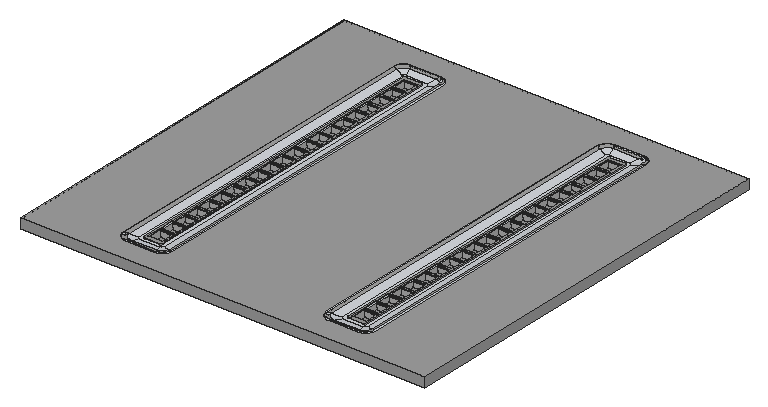
Revit family "0044018 Sylvania Lighting Fixture OptiClip 600 4000K C9 WH SSC WHITE", category Lighting Fixtures, host Face, Revit 2016
Family settings
  Host = Face
  Part Type = Normal
  Round Connector Dimension = Use Diameter
  OmniClass Number = 23.80.70.00
  OmniClass Title = Lighting
  Cut with Voids When Loaded = No
  Light Source = Yes
  Shared = No
  Room Calculation Point = No
Parameters (values of type "Type Name")
  spacer height = 5 mm
  spacer centres = 1000 mm
  height = 14.63 mm
  cut out width = 590 mm
  cut out length = 590 mm
  Width = 595 mm
  Weight = ""
  Wattage Comments = ""
  Wattage = 9.2903 W
  WarrantyStartDate [instance] = "n/a"
  WarrantyGuarantorParts = "n/a"
  WarrantyDurationUnit = "n/a"
  WarrantyDurationParts = "n/a"
  WarrantyDescription = "n/a"
  built-in parameter 1150110 = 1 (stored number, unit not read)
  Voltage = 0 V
  URL = "http://www.feilosylvania.com"
  TypeName = ""
  Type Image = <None>
  Type Comments = "n/a"
  built-in parameter 1114217 = 1 (stored number, unit not read)
  Tilt Angle = 90.00°
  built-in parameter 1150109 = 1 (stored number, unit not read)
  built-in parameter 1150134 = 3
  built-in parameter 1150113 = 1 (stored number, unit not read)
  SerialNumber [instance] = "n/a"
  Photometric Web File = "0044018.ies"
  Material_3_FEILO = none
  PowerFactor = 0
  PowerConsumption = ""
  NominalLength = 0 mm
  NominalHeight = 0 mm
  NominalDepth = 0 mm
  Name = ""
  ModelReference = Name  # ""
  ModelNumber = ""
  Model = Name  # ""
  Material = ""
  ManufacturerName = "Feilo Sylvania"
  Manufacturer = "Feilo Sylvania"
  LuminousEfficacy = ""
  built-in parameter 1150105 = 109.82 (stored number, unit not read)
  Lumens = 1380 lm
  LuminaireType = ""
  built-in parameter 1150115 = 1 (stored number, unit not read)
  LightOutputRatio = ""
  built-in parameter 1150137 = (empty or 0)
  built-in parameter 1150139 = (empty or 0)
  Length = 595 mm
  LampsType = Lamp  # ""
  LampNominalLuminous = ""
  LampMacAdamStep = ""
  LampColourTemperature = ""
  LampColourRenderingIndex = ""
  built-in parameter 1150112 = 1 (stored number, unit not read)
  built-in parameter 1150114 = 1 (stored number, unit not read)
  Lamp = ""
  Keynote = "16500"
  InstallationDate [instance] = "n/a"
  InputVoltage = ""
  InputNominalFrequency = ""
  built-in parameter 1150132 = (empty or 0)
  built-in parameter 1150102 = (empty or 0)
  built-in parameter 1150107 = 3200 (stored number, unit not read)
  built-in parameter 1150138 = (empty or 0)
  IngressProtection = ""
  ImpactProtectionIndex = ""
  built-in parameter 1150106 = 1.0982 (stored number, unit not read)
  IfcExportType = "IfcLightFixtureType"
  IfcExportAs = "IfcLightFixtureType"
  Height = 50 mm
  ExpectedLife = 50000
  Emit from Circle Diameter = 609.6 mm
  Emit Shape Visible in Rendering = no
  ElectricShockClassification = ""
  built-in parameter 1150104 = 13.8 (stored number, unit not read)
  DurationUnit = "hours"
  DocumentationLiterature = ""
  DimmingControlOptions = ""
  Material_2_FEILO = none
  Dimming Lamp Color Temperature Shift = <None>
  Description = ""
  Default Elevation = 1219.2 mm
  CreatedOn = ""
  CreatedBy = ""
  Cost = 0
  Color Filter = 16777215
  built-in parameter 1114216 [instance] = (empty or 0)
  ClassificationValue = "EF_70_80"
  ClassificationName = "Uniclass2015"
  Material_1_FEILO = none
  BarCode [instance] = "n/a"
  built-in parameter 1114218 = 1 (stored number, unit not read)
  built-in parameter 1150133 = 10 (stored number, unit not read)
  AssetType = ""
  AssetIdentifier [instance] = "n/a"
  Assembly Code = "D5020200"
  Apparent Load = 0 VA
  Material_4_FEILO = none
Reference planes
  plane 1 "Center (Front/Back)": y = 0
  plane 2: z = 0
  plane 3 "Center (Left/Right)": x = 0
  plane 4: z = 0
  plane 5: y = 297.5
  plane 6: y = -297.5
  plane 7: x = -297.5
  plane 8: x = 297.5
  plane 9: x = -295
  plane 10: x = 295
  plane 11: y = 295
  plane 12: y = -295
  plane 13: z = -14.63
  plane 14: y = 296.5
  plane 15: x = -296.5
  plane 16: x = 296.5
  plane 17: y = -296.5
  plane 18: x = -185
  plane 19: x = -113
  plane 20: y = -246.5
  plane 21: x = -184
  plane 22: y = 262
  plane 23: x = -114
  plane 24: y = -262
  plane 25: y = 245.5
  plane 26: y = -245.345
  plane 27: x = -160
  plane 28: x = -138
  plane 29: y = 236.5
  plane 30: y = -236.345
  plane 31: y = 213.35
  plane 32: y = 212.35
  plane 33: y = 190.95
  plane 34: y = 189.95
  plane 35: y = 168.595
  plane 36: y = 167.595
  plane 37: y = 146.15
  plane 38: y = 145.15
  plane 39: y = 123.75
  plane 40: y = 122.75
  plane 41: y = 101.35
  plane 42: y = 100.35
  plane 43: y = 78.95
  plane 44: y = 77.95
  plane 45: y = 56.576
  plane 46: y = 55.576
  plane 47: y = 34.15
  plane 48: y = 33.15
  plane 49: y = 11.75
  plane 50: y = 10.75
  plane 51: y = -10.65
  plane 52: y = -11.65
  plane 53: y = -33.05
  plane 54: y = -34.05
  plane 55: y = -55.45
  plane 56: y = -56.45
  plane 57: y = -77.805
  plane 58: y = -78.805
  plane 59: y = -100.25
  plane 60: y = -101.25
  plane 61: y = -122.65
  plane 62: y = -123.65
  plane 63: y = -145.05
  plane 64: y = -146.05
  plane 65: y = -167.45
  plane 66: y = -168.416
  plane 67: y = -189.816
  plane 68: y = -190.816
  plane 69: y = -212.216
  plane 70: y = -213.216
  plane 71: y = -234.616
  plane 72: x = -159.5
  plane 73: x = -138.539
  plane 74: y = 230.05
  plane 75: y = 218.05
  plane 76: x = -143.039
  plane 77: x = -155
  plane 78: x = -162.5
  plane 79: x = -135.5
  plane 80: y = 240.5
  plane 81: y = -240.345
  plane 82: y = 238
Forms (mm)
  Extrusion 1, void, detail levels medium+fine
    sketch origin (4.2, 0, 0) x (0, 1, 0) y (1, 0, 0)
      loop
        line (295, -299.2) -> (295, 290.8) -> (-295, 290.8) -> (-295, -299.2) -> (295, -299.2)
    from 0 to 10
  Extrusion 2, solid, material "Default", detail levels medium+fine
    sketch origin (4.2, 0, 0) x (1, 0, 0) y (0, 1, 0)
      loop
        line (-301.7, 297.5) -> (-301.7, -297.5) -> (293.3, -297.5) -> (293.3, 297.5) -> (-301.7, 297.5)
    from 0 to -14.63
  Extrusion 3, void, detail levels medium+fine
    sketch origin (4.2, 0, 0) x (0, 1, 0) y (1, 0, 0)
      loop
        line (296.5, -300.7) -> (296.5, 292.3) -> (-296.5, 292.3) -> (-296.5, -300.7) -> (296.5, -300.7)
    from 1.008 to 14.63
  Blend 4, solid, detail levels medium+fine
    base sketch origin (4.2, 0, 0) x (1, 0, 0) y (0, 1, 0)
      loop
        line (-189.2, 248) -> (-189.2, -248)
        arc (-189.2, -248) -> (-184.807, -258.607) -> (-174.2, -263) r 15
        line (-174.2, -263) -> (-132.2, -263)
        arc (-132.2, -263) -> (-121.593, -258.607) -> (-117.2, -248) r 15
        line (-117.2, -248) -> (-117.2, 248)
        arc (-117.2, 248) -> (-121.593, 258.607) -> (-132.2, 263) r 15
        line (-132.2, 263) -> (-174.2, 263)
        arc (-174.2, 263) -> (-184.807, 258.607) -> (-189.2, 248) r 15
    top sketch origin (4.2, 0, 0) x (1, 0, 0) y (0, 1, 0)
      loop
        line (-172.7, 242.5) -> (-172.7, -242.5)
        arc (-172.7, -242.5) -> (-171.517, -245.34) -> (-168.667, -246.5) r 4
        line (-168.667, -246.5) -> (-137.633, -246.5)
        arc (-137.633, -246.5) -> (-134.828, -245.324) -> (-133.7, -242.5) r 3.934
        line (-133.7, -242.5) -> (-133.7, 242.5)
        arc (-133.7, 242.5) -> (-134.982, 245.439) -> (-138.008, 246.5) r 4.011
        line (-138.008, 246.5) -> (-168.7, 246.5)
        arc (-168.7, 246.5) -> (-171.528, 245.328) -> (-172.7, 242.5) r 4
    from 0 to -4
  Blend 5, void
    base sketch origin (4.2, 0, 0) x (0, 1, 0) y (-1, 0, 0)
      loop
        line (248, 188.2) -> (-248, 188.2)
        arc (-248, 188.2) -> (-257.899, 184.099) -> (-262, 174.2) r 14
        line (-262, 174.2) -> (-262, 132.2)
        arc (-262, 132.2) -> (-257.899, 122.301) -> (-248, 118.2) r 14
        line (-248, 118.2) -> (248, 118.2)
        arc (248, 118.2) -> (257.899, 122.301) -> (262, 132.2) r 14
        line (262, 132.2) -> (262, 174.2)
        arc (262, 174.2) -> (257.899, 184.099) -> (248, 188.2) r 14
    top sketch origin (4.2, 0, 0) x (0, 1, 0) y (-1, 0, 0)
      loop
        line (242.5, 171.7) -> (-242.5, 171.7)
        arc (-242.5, 171.7) -> (-244.579, 170.8) -> (-245.345, 168.667) r 2.851
        line (-245.345, 168.667) -> (-245.345, 137.633)
        arc (-245.345, 137.633) -> (-244.517, 135.59) -> (-242.5, 134.7) r 2.934
        line (-242.5, 134.7) -> (242.5, 134.7)
        arc (242.5, 134.7) -> (244.733, 135.69) -> (245.5, 138.008) r 3.014
        line (245.5, 138.008) -> (245.5, 168.7)
        arc (245.5, 168.7) -> (244.621, 170.821) -> (242.5, 171.7) r 3
    from 0 to -3.5
  Extrusion 6, solid, material "Aluminum 1100-H18", detail levels medium+fine
    sketch origin (4.2, 0, 0) x (1, 0, 0) y (0, 1, 0)
      loop
        line (-164.2, 236.5) -> (-164.2, -236.345) -> (-142.2, -236.345) -> (-142.2, 236.5) -> (-164.2, 236.5)
    from -4 to -14.63
  Extrusion 7, solid, material "Aluminum 1100-H18", detail levels medium+fine
    sketch origin (4.2, 0, 0) x (1, 0, 0) y (0, 1, 0)
      loop
        line (-166.7, 238) -> (-166.7, -238.071)
        arc (-166.7, -238.071) -> (-165.953, -239.761) -> (-164.2, -240.345) r 2.284
        line (-164.2, -240.345) -> (-142.156, -240.345)
        arc (-142.156, -240.345) -> (-140.483, -239.689) -> (-139.7, -238.071) r 2.464
        line (-139.7, -238.071) -> (-139.7, 238)
        arc (-139.7, 238) -> (-140.432, 239.768) -> (-142.2, 240.5) r 2.5
        line (-142.2, 240.5) -> (-164.2, 240.5)
        arc (-164.2, 240.5) -> (-165.968, 239.768) -> (-166.7, 238) r 2.5
    from -3.5 to -2.5
  Blend 8, void
    base sketch origin (4.2, 0, 0) x (0, 1, 0) y (-1, 0, 0)
      loop
        line (234.75, 163.7) -> (213.35, 163.7) -> (213.35, 142.739) -> (234.75, 142.739) -> (234.75, 163.7)
    top sketch origin (4.2, 0, 0) x (0, 1, 0) y (-1, 0, 0)
      loop
        line (230.05, 159.2) -> (218.05, 159.2) -> (218.05, 147.239) -> (230.05, 147.239) -> (230.05, 159.2)
    from -2.5 to -11
  Blend 9, void
    base sketch origin (4.2, -22.4, 0) x (0, 1, 0) y (-1, 0, 0)
      loop
        line (234.75, 163.7) -> (213.35, 163.7) -> (213.35, 142.739) -> (234.75, 142.739) -> (234.75, 163.7)
    top sketch origin (4.2, -22.4, 0) x (0, 1, 0) y (-1, 0, 0)
      loop
        line (230.05, 159.2) -> (218.05, 159.2) -> (218.05, 147.239) -> (230.05, 147.239) -> (230.05, 159.2)
    from -2.5 to -11
  Blend 10, void
    base sketch origin (4.2, -44.8, 0) x (0, 1, 0) y (-1, 0, 0)
      loop
        line (234.75, 163.7) -> (213.35, 163.7) -> (213.35, 142.739) -> (234.75, 142.739) -> (234.75, 163.7)
    top sketch origin (4.2, -44.8, 0) x (0, 1, 0) y (-1, 0, 0)
      loop
        line (230.05, 159.2) -> (218.05, 159.2) -> (218.05, 147.239) -> (230.05, 147.239) -> (230.05, 159.2)
    from -2.5 to -11
  Blend 11, void
    base sketch origin (4.2, -67.155, 0) x (0, 1, 0) y (-1, 0, 0)
      loop
        line (234.75, 163.7) -> (213.35, 163.7) -> (213.35, 142.739) -> (234.75, 142.739) -> (234.75, 163.7)
    top sketch origin (4.2, -67.155, 0) x (0, 1, 0) y (-1, 0, 0)
      loop
        line (230.05, 159.2) -> (218.05, 159.2) -> (218.05, 147.239) -> (230.05, 147.239) -> (230.05, 159.2)
    from -2.5 to -11
  Blend 12, void
    base sketch origin (4.2, -89.6, 0) x (0, 1, 0) y (-1, 0, 0)
      loop
        line (234.75, 163.7) -> (213.35, 163.7) -> (213.35, 142.739) -> (234.75, 142.739) -> (234.75, 163.7)
    top sketch origin (4.2, -89.6, 0) x (0, 1, 0) y (-1, 0, 0)
      loop
        line (230.05, 159.2) -> (218.05, 159.2) -> (218.05, 147.239) -> (230.05, 147.239) -> (230.05, 159.2)
    from -2.5 to -11
  Blend 13, void
    base sketch origin (4.2, -112, 0) x (0, 1, 0) y (-1, 0, 0)
      loop
        line (234.75, 163.7) -> (213.35, 163.7) -> (213.35, 142.739) -> (234.75, 142.739) -> (234.75, 163.7)
    top sketch origin (4.2, -112, 0) x (0, 1, 0) y (-1, 0, 0)
      loop
        line (230.05, 159.2) -> (218.05, 159.2) -> (218.05, 147.239) -> (230.05, 147.239) -> (230.05, 159.2)
    from -2.5 to -11
  Blend 14, void
    base sketch origin (4.2, -134.4, 0) x (0, 1, 0) y (-1, 0, 0)
      loop
        line (234.75, 163.7) -> (213.35, 163.7) -> (213.35, 142.739) -> (234.75, 142.739) -> (234.75, 163.7)
    top sketch origin (4.2, -134.4, 0) x (0, 1, 0) y (-1, 0, 0)
      loop
        line (230.05, 159.2) -> (218.05, 159.2) -> (218.05, 147.239) -> (230.05, 147.239) -> (230.05, 159.2)
    from -2.5 to -11
  Blend 15, void
    base sketch origin (4.2, -156.8, 0) x (0, 1, 0) y (-1, 0, 0)
      loop
        line (234.75, 163.7) -> (213.35, 163.7) -> (213.35, 142.739) -> (234.75, 142.739) -> (234.75, 163.7)
    top sketch origin (4.2, -156.8, 0) x (0, 1, 0) y (-1, 0, 0)
      loop
        line (230.05, 159.2) -> (218.05, 159.2) -> (218.05, 147.239) -> (230.05, 147.239) -> (230.05, 159.2)
    from -2.5 to -11
  Blend 16, void
    base sketch origin (4.2, -179.174, 0) x (0, 1, 0) y (-1, 0, 0)
      loop
        line (234.75, 163.7) -> (213.35, 163.7) -> (213.35, 142.739) -> (234.75, 142.739) -> (234.75, 163.7)
    top sketch origin (4.2, -179.174, 0) x (0, 1, 0) y (-1, 0, 0)
      loop
        line (230.05, 159.2) -> (218.05, 159.2) -> (218.05, 147.239) -> (230.05, 147.239) -> (230.05, 159.2)
    from -2.5 to -11
  Blend 17, void
    base sketch origin (4.2, -201.6, 0) x (0, 1, 0) y (-1, 0, 0)
      loop
        line (234.75, 163.7) -> (213.35, 163.7) -> (213.35, 142.739) -> (234.75, 142.739) -> (234.75, 163.7)
    top sketch origin (4.2, -201.6, 0) x (0, 1, 0) y (-1, 0, 0)
      loop
        line (230.05, 159.2) -> (218.05, 159.2) -> (218.05, 147.239) -> (230.05, 147.239) -> (230.05, 159.2)
    from -2.5 to -11
  Blend 18, void
    base sketch origin (4.2, -224, 0) x (0, 1, 0) y (-1, 0, 0)
      loop
        line (234.75, 163.7) -> (213.35, 163.7) -> (213.35, 142.739) -> (234.75, 142.739) -> (234.75, 163.7)
    top sketch origin (4.2, -224, 0) x (0, 1, 0) y (-1, 0, 0)
      loop
        line (230.05, 159.2) -> (218.05, 159.2) -> (218.05, 147.239) -> (230.05, 147.239) -> (230.05, 159.2)
    from -2.5 to -11
  Blend 19, void
    base sketch origin (4.2, -246.4, 0) x (0, 1, 0) y (-1, 0, 0)
      loop
        line (234.75, 163.7) -> (213.35, 163.7) -> (213.35, 142.739) -> (234.75, 142.739) -> (234.75, 163.7)
    top sketch origin (4.2, -246.4, 0) x (0, 1, 0) y (-1, 0, 0)
      loop
        line (230.05, 159.2) -> (218.05, 159.2) -> (218.05, 147.239) -> (230.05, 147.239) -> (230.05, 159.2)
    from -2.5 to -11
  Blend 20, void
    base sketch origin (4.2, -268.8, 0) x (0, 1, 0) y (-1, 0, 0)
      loop
        line (234.75, 163.7) -> (213.35, 163.7) -> (213.35, 142.739) -> (234.75, 142.739) -> (234.75, 163.7)
    top sketch origin (4.2, -268.8, 0) x (0, 1, 0) y (-1, 0, 0)
      loop
        line (230.05, 159.2) -> (218.05, 159.2) -> (218.05, 147.239) -> (230.05, 147.239) -> (230.05, 159.2)
    from -2.5 to -11
  Blend 21, void
    base sketch origin (4.2, -291.2, 0) x (0, 1, 0) y (-1, 0, 0)
      loop
        line (234.75, 163.7) -> (213.35, 163.7) -> (213.35, 142.739) -> (234.75, 142.739) -> (234.75, 163.7)
    top sketch origin (4.2, -291.2, 0) x (0, 1, 0) y (-1, 0, 0)
      loop
        line (230.05, 159.2) -> (218.05, 159.2) -> (218.05, 147.239) -> (230.05, 147.239) -> (230.05, 159.2)
    from -2.5 to -11
  Blend 22, void
    base sketch origin (4.2, -313.555, 0) x (0, 1, 0) y (-1, 0, 0)
      loop
        line (234.75, 163.7) -> (213.35, 163.7) -> (213.35, 142.739) -> (234.75, 142.739) -> (234.75, 163.7)
    top sketch origin (4.2, -313.555, 0) x (0, 1, 0) y (-1, 0, 0)
      loop
        line (230.05, 159.2) -> (218.05, 159.2) -> (218.05, 147.239) -> (230.05, 147.239) -> (230.05, 159.2)
    from -2.5 to -11
  Blend 23, void
    base sketch origin (4.2, -336, 0) x (0, 1, 0) y (-1, 0, 0)
      loop
        line (234.75, 163.7) -> (213.35, 163.7) -> (213.35, 142.739) -> (234.75, 142.739) -> (234.75, 163.7)
    top sketch origin (4.2, -336, 0) x (0, 1, 0) y (-1, 0, 0)
      loop
        line (230.05, 159.2) -> (218.05, 159.2) -> (218.05, 147.239) -> (230.05, 147.239) -> (230.05, 159.2)
    from -2.5 to -11
  Blend 24, void
    base sketch origin (4.2, -358.4, 0) x (0, 1, 0) y (-1, 0, 0)
      loop
        line (234.75, 163.7) -> (213.35, 163.7) -> (213.35, 142.739) -> (234.75, 142.739) -> (234.75, 163.7)
    top sketch origin (4.2, -358.4, 0) x (0, 1, 0) y (-1, 0, 0)
      loop
        line (230.05, 159.2) -> (218.05, 159.2) -> (218.05, 147.239) -> (230.05, 147.239) -> (230.05, 159.2)
    from -2.5 to -11
  Blend 25, void
    base sketch origin (4.2, -380.8, 0) x (0, 1, 0) y (-1, 0, 0)
      loop
        line (234.75, 163.7) -> (213.35, 163.7) -> (213.35, 142.739) -> (234.75, 142.739) -> (234.75, 163.7)
    top sketch origin (4.2, -380.8, 0) x (0, 1, 0) y (-1, 0, 0)
      loop
        line (230.05, 159.2) -> (218.05, 159.2) -> (218.05, 147.239) -> (230.05, 147.239) -> (230.05, 159.2)
    from -2.5 to -11
  Extrusion 26, solid, material "Glass, White, High Luminance", detail levels fine
    sketch origin (4.2, 0, 0) x (1, 0, 0) y (0, 1, 0)
      loop
        line (-159.2, 230.05) -> (-159.2, 218.05) -> (-147.239, 218.05) -> (-147.239, 230.05) -> (-159.2, 230.05)
    from -11 to -10
  Extrusion 27, solid, material "Glass, White, High Luminance", detail levels fine
    sketch origin (4.2, -22.4, 0) x (1, 0, 0) y (0, 1, 0)
      loop
        line (-159.2, 230.05) -> (-159.2, 218.05) -> (-147.239, 218.05) -> (-147.239, 230.05) -> (-159.2, 230.05)
    from -11 to -10
  Extrusion 28, solid, material "Glass, White, High Luminance", detail levels fine
    sketch origin (4.2, -44.8, 0) x (1, 0, 0) y (0, 1, 0)
      loop
        line (-159.2, 230.05) -> (-159.2, 218.05) -> (-147.239, 218.05) -> (-147.239, 230.05) -> (-159.2, 230.05)
    from -11 to -10
  Extrusion 29, solid, material "Glass, White, High Luminance", detail levels fine
    sketch origin (4.2, -67.155, 0) x (1, 0, 0) y (0, 1, 0)
      loop
        line (-159.2, 230.05) -> (-159.2, 218.05) -> (-147.239, 218.05) -> (-147.239, 230.05) -> (-159.2, 230.05)
    from -11 to -10
  Extrusion 30, solid, material "Glass, White, High Luminance", detail levels fine
    sketch origin (4.2, -89.6, 0) x (1, 0, 0) y (0, 1, 0)
      loop
        line (-159.2, 230.05) -> (-159.2, 218.05) -> (-147.239, 218.05) -> (-147.239, 230.05) -> (-159.2, 230.05)
    from -11 to -10
  Extrusion 31, solid, material "Glass, White, High Luminance", detail levels fine
    sketch origin (4.2, -112, 0) x (1, 0, 0) y (0, 1, 0)
      loop
        line (-159.2, 230.05) -> (-159.2, 218.05) -> (-147.239, 218.05) -> (-147.239, 230.05) -> (-159.2, 230.05)
    from -11 to -10
  Extrusion 32, solid, material "Glass, White, High Luminance", detail levels fine
    sketch origin (4.2, -134.4, 0) x (1, 0, 0) y (0, 1, 0)
      loop
        line (-159.2, 230.05) -> (-159.2, 218.05) -> (-147.239, 218.05) -> (-147.239, 230.05) -> (-159.2, 230.05)
    from -11 to -10
  Extrusion 33, solid, material "Glass, White, High Luminance", detail levels fine
    sketch origin (4.2, -156.8, 0) x (1, 0, 0) y (0, 1, 0)
      loop
        line (-159.2, 230.05) -> (-159.2, 218.05) -> (-147.239, 218.05) -> (-147.239, 230.05) -> (-159.2, 230.05)
    from -11 to -10
  Extrusion 34, solid, material "Glass, White, High Luminance", detail levels fine
    sketch origin (4.2, -179.174, 0) x (1, 0, 0) y (0, 1, 0)
      loop
        line (-159.2, 230.05) -> (-159.2, 218.05) -> (-147.239, 218.05) -> (-147.239, 230.05) -> (-159.2, 230.05)
    from -11 to -10
  Extrusion 35, solid, material "Glass, White, High Luminance", detail levels fine
    sketch origin (4.2, -201.6, 0) x (1, 0, 0) y (0, 1, 0)
      loop
        line (-159.2, 230.05) -> (-159.2, 218.05) -> (-147.239, 218.05) -> (-147.239, 230.05) -> (-159.2, 230.05)
    from -11 to -10
  Extrusion 36, solid, material "Glass, White, High Luminance", detail levels fine
    sketch origin (4.2, -224, 0) x (1, 0, 0) y (0, 1, 0)
      loop
        line (-159.2, 230.05) -> (-159.2, 218.05) -> (-147.239, 218.05) -> (-147.239, 230.05) -> (-159.2, 230.05)
    from -11 to -10
  Extrusion 37, solid, material "Glass, White, High Luminance", detail levels fine
    sketch origin (4.2, -246.4, 0) x (1, 0, 0) y (0, 1, 0)
      loop
        line (-159.2, 230.05) -> (-159.2, 218.05) -> (-147.239, 218.05) -> (-147.239, 230.05) -> (-159.2, 230.05)
    from -11 to -10
  Extrusion 38, solid, material "Glass, White, High Luminance", detail levels fine
    sketch origin (4.2, -268.8, 0) x (1, 0, 0) y (0, 1, 0)
      loop
        line (-159.2, 230.05) -> (-159.2, 218.05) -> (-147.239, 218.05) -> (-147.239, 230.05) -> (-159.2, 230.05)
    from -11 to -10
  Extrusion 39, solid, material "Glass, White, High Luminance", detail levels fine
    sketch origin (4.2, -291.2, 0) x (1, 0, 0) y (0, 1, 0)
      loop
        line (-159.2, 230.05) -> (-159.2, 218.05) -> (-147.239, 218.05) -> (-147.239, 230.05) -> (-159.2, 230.05)
    from -11 to -10
  Extrusion 40, solid, material "Glass, White, High Luminance", detail levels fine
    sketch origin (4.2, -313.555, 0) x (1, 0, 0) y (0, 1, 0)
      loop
        line (-159.2, 230.05) -> (-159.2, 218.05) -> (-147.239, 218.05) -> (-147.239, 230.05) -> (-159.2, 230.05)
    from -11 to -10
  Extrusion 41, solid, material "Glass, White, High Luminance", detail levels fine
    sketch origin (4.2, -336, 0) x (1, 0, 0) y (0, 1, 0)
      loop
        line (-159.2, 230.05) -> (-159.2, 218.05) -> (-147.239, 218.05) -> (-147.239, 230.05) -> (-159.2, 230.05)
    from -11 to -10
  Extrusion 42, solid, material "Glass, White, High Luminance", detail levels fine
    sketch origin (4.2, -358.4, 0) x (1, 0, 0) y (0, 1, 0)
      loop
        line (-159.2, 230.05) -> (-159.2, 218.05) -> (-147.239, 218.05) -> (-147.239, 230.05) -> (-159.2, 230.05)
    from -11 to -10
  Extrusion 43, solid, material "Glass, White, High Luminance", detail levels fine
    sketch origin (4.2, -380.8, 0) x (1, 0, 0) y (0, 1, 0)
      loop
        line (-159.2, 230.05) -> (-159.2, 218.05) -> (-147.239, 218.05) -> (-147.239, 230.05) -> (-159.2, 230.05)
    from -11 to -10
  Extrusion 44, solid, material "Glass, White, High Luminance", detail levels fine
    sketch origin (3.419, -403.166, 0) x (1, 0, 0) y (0, 1, 0)
      loop
        line (-158.419, 230.05) -> (-158.419, 218.05) -> (-146.458, 218.05) -> (-146.458, 230.05) -> (-158.419, 230.05)
    from -11 to -10
  Extrusion 45, solid, material "Glass, White, High Luminance", detail levels fine
    sketch origin (3.419, -425.566, 0) x (1, 0, 0) y (0, 1, 0)
      loop
        line (-158.419, 230.05) -> (-158.419, 218.05) -> (-146.458, 218.05) -> (-146.458, 230.05) -> (-158.419, 230.05)
    from -11 to -10
  Extrusion 46, solid, material "Glass, White, High Luminance", detail levels fine
    sketch origin (3.419, -447.966, 0) x (1, 0, 0) y (0, 1, 0)
      loop
        line (-158.419, 230.05) -> (-158.419, 218.05) -> (-146.458, 218.05) -> (-146.458, 230.05) -> (-158.419, 230.05)
    from -11 to -10
  Blend 47, solid, detail levels medium+fine
    base sketch origin (303.2, 0, 0) x (1, 0, 0) y (0, 1, 0)
      loop
        line (-189.2, 248) -> (-189.2, -248)
        arc (-189.2, -248) -> (-184.807, -258.607) -> (-174.2, -263) r 15
        line (-174.2, -263) -> (-132.2, -263)
        arc (-132.2, -263) -> (-121.593, -258.607) -> (-117.2, -248) r 15
        line (-117.2, -248) -> (-117.2, 248)
        arc (-117.2, 248) -> (-121.593, 258.607) -> (-132.2, 263) r 15
        line (-132.2, 263) -> (-174.2, 263)
        arc (-174.2, 263) -> (-184.807, 258.607) -> (-189.2, 248) r 15
    top sketch origin (303.2, 0, 0) x (1, 0, 0) y (0, 1, 0)
      loop
        line (-172.7, 242.5) -> (-172.7, -242.5)
        arc (-172.7, -242.5) -> (-171.517, -245.34) -> (-168.667, -246.5) r 4
        line (-168.667, -246.5) -> (-137.633, -246.5)
        arc (-137.633, -246.5) -> (-134.828, -245.324) -> (-133.7, -242.5) r 3.934
        line (-133.7, -242.5) -> (-133.7, 242.5)
        arc (-133.7, 242.5) -> (-134.982, 245.439) -> (-138.008, 246.5) r 4.011
        line (-138.008, 246.5) -> (-168.7, 246.5)
        arc (-168.7, 246.5) -> (-171.528, 245.328) -> (-172.7, 242.5) r 4
    from 0 to -4
  Blend 48, void
    base sketch origin (303.2, 0, 0) x (0, 1, 0) y (-1, 0, 0)
      loop
        line (248, 188.2) -> (-248, 188.2)
        arc (-248, 188.2) -> (-257.899, 184.099) -> (-262, 174.2) r 14
        line (-262, 174.2) -> (-262, 132.2)
        arc (-262, 132.2) -> (-257.899, 122.301) -> (-248, 118.2) r 14
        line (-248, 118.2) -> (248, 118.2)
        arc (248, 118.2) -> (257.899, 122.301) -> (262, 132.2) r 14
        line (262, 132.2) -> (262, 174.2)
        arc (262, 174.2) -> (257.899, 184.099) -> (248, 188.2) r 14
    top sketch origin (303.2, 0, 0) x (0, 1, 0) y (-1, 0, 0)
      loop
        line (242.5, 171.7) -> (-242.5, 171.7)
        arc (-242.5, 171.7) -> (-244.579, 170.8) -> (-245.345, 168.667) r 2.851
        line (-245.345, 168.667) -> (-245.345, 137.633)
        arc (-245.345, 137.633) -> (-244.517, 135.59) -> (-242.5, 134.7) r 2.934
        line (-242.5, 134.7) -> (242.5, 134.7)
        arc (242.5, 134.7) -> (244.733, 135.69) -> (245.5, 138.008) r 3.014
        line (245.5, 138.008) -> (245.5, 168.7)
        arc (245.5, 168.7) -> (244.621, 170.821) -> (242.5, 171.7) r 3
    from 0 to -3.5
  Extrusion 49, solid, material "Aluminum 1100-H18", detail levels medium+fine
    sketch origin (304.2, 0, 0) x (1, 0, 0) y (0, 1, 0)
      loop
        line (-164.2, 236.5) -> (-164.2, -236.345) -> (-142.2, -236.345) -> (-142.2, 236.5) -> (-164.2, 236.5)
    from -4 to -14.63
  Blend 50, void
    base sketch origin (4.2, -403.166, 0) x (0, 1, 0) y (-1, 0, 0)
      loop
        line (234.75, 163.7) -> (213.35, 163.7) -> (213.35, 142.739) -> (234.75, 142.739) -> (234.75, 163.7)
    top sketch origin (4.2, -403.166, 0) x (0, 1, 0) y (-1, 0, 0)
      loop
        line (230.05, 159.2) -> (218.05, 159.2) -> (218.05, 147.239) -> (230.05, 147.239) -> (230.05, 159.2)
    from -2.5 to -11
  Blend 51, void
    base sketch origin (4.2, -425.566, 0) x (0, 1, 0) y (-1, 0, 0)
      loop
        line (234.75, 163.7) -> (213.35, 163.7) -> (213.35, 142.739) -> (234.75, 142.739) -> (234.75, 163.7)
    top sketch origin (4.2, -425.566, 0) x (0, 1, 0) y (-1, 0, 0)
      loop
        line (230.05, 159.2) -> (218.05, 159.2) -> (218.05, 147.239) -> (230.05, 147.239) -> (230.05, 159.2)
    from -2.5 to -11
  Blend 52, void
    base sketch origin (4.2, -447.966, 0) x (0, 1, 0) y (-1, 0, 0)
      loop
        line (234.75, 163.7) -> (213.35, 163.7) -> (213.35, 142.739) -> (234.75, 142.739) -> (234.75, 163.7)
    top sketch origin (4.2, -447.966, 0) x (0, 1, 0) y (-1, 0, 0)
      loop
        line (230.05, 159.2) -> (218.05, 159.2) -> (218.05, 147.239) -> (230.05, 147.239) -> (230.05, 159.2)
    from -2.5 to -11
  Extrusion 53, solid, material "Aluminum 1100-H18", detail levels medium+fine
    sketch origin (304.2, 0, 0) x (1, 0, 0) y (0, 1, 0)
      loop
        line (-166.7, 238) -> (-166.7, -238.071)
        arc (-166.7, -238.071) -> (-165.953, -239.761) -> (-164.2, -240.345) r 2.284
        line (-164.2, -240.345) -> (-142.156, -240.345)
        arc (-142.156, -240.345) -> (-140.483, -239.689) -> (-139.7, -238.071) r 2.464
        line (-139.7, -238.071) -> (-139.7, 238)
        arc (-139.7, 238) -> (-140.432, 239.768) -> (-142.2, 240.5) r 2.5
        line (-142.2, 240.5) -> (-164.2, 240.5)
        arc (-164.2, 240.5) -> (-165.968, 239.768) -> (-166.7, 238) r 2.5
    from -3.5 to -2.5
  Blend 54, void
    base sketch origin (304.2, 0, 0) x (0, 1, 0) y (-1, 0, 0)
      loop
        line (234.75, 163.7) -> (213.35, 163.7) -> (213.35, 142.739) -> (234.75, 142.739) -> (234.75, 163.7)
    top sketch origin (304.2, 0, 0) x (0, 1, 0) y (-1, 0, 0)
      loop
        line (230.05, 159.2) -> (218.05, 159.2) -> (218.05, 147.239) -> (230.05, 147.239) -> (230.05, 159.2)
    from -2.5 to -11
  Blend 55, void
    base sketch origin (304.2, -22.4, 0) x (0, 1, 0) y (-1, 0, 0)
      loop
        line (234.75, 163.7) -> (213.35, 163.7) -> (213.35, 142.739) -> (234.75, 142.739) -> (234.75, 163.7)
    top sketch origin (304.2, -22.4, 0) x (0, 1, 0) y (-1, 0, 0)
      loop
        line (230.05, 159.2) -> (218.05, 159.2) -> (218.05, 147.239) -> (230.05, 147.239) -> (230.05, 159.2)
    from -2.5 to -11
  Blend 56, void
    base sketch origin (304.2, -44.8, 0) x (0, 1, 0) y (-1, 0, 0)
      loop
        line (234.75, 163.7) -> (213.35, 163.7) -> (213.35, 142.739) -> (234.75, 142.739) -> (234.75, 163.7)
    top sketch origin (304.2, -44.8, 0) x (0, 1, 0) y (-1, 0, 0)
      loop
        line (230.05, 159.2) -> (218.05, 159.2) -> (218.05, 147.239) -> (230.05, 147.239) -> (230.05, 159.2)
    from -2.5 to -11
  Blend 57, void
    base sketch origin (304.2, -67.155, 0) x (0, 1, 0) y (-1, 0, 0)
      loop
        line (234.75, 163.7) -> (213.35, 163.7) -> (213.35, 142.739) -> (234.75, 142.739) -> (234.75, 163.7)
    top sketch origin (304.2, -67.155, 0) x (0, 1, 0) y (-1, 0, 0)
      loop
        line (230.05, 159.2) -> (218.05, 159.2) -> (218.05, 147.239) -> (230.05, 147.239) -> (230.05, 159.2)
    from -2.5 to -11
  Blend 58, void
    base sketch origin (304.2, -89.6, 0) x (0, 1, 0) y (-1, 0, 0)
      loop
        line (234.75, 163.7) -> (213.35, 163.7) -> (213.35, 142.739) -> (234.75, 142.739) -> (234.75, 163.7)
    top sketch origin (304.2, -89.6, 0) x (0, 1, 0) y (-1, 0, 0)
      loop
        line (230.05, 159.2) -> (218.05, 159.2) -> (218.05, 147.239) -> (230.05, 147.239) -> (230.05, 159.2)
    from -2.5 to -11
  Blend 59, void
    base sketch origin (304.2, -112, 0) x (0, 1, 0) y (-1, 0, 0)
      loop
        line (234.75, 163.7) -> (213.35, 163.7) -> (213.35, 142.739) -> (234.75, 142.739) -> (234.75, 163.7)
    top sketch origin (304.2, -112, 0) x (0, 1, 0) y (-1, 0, 0)
      loop
        line (230.05, 159.2) -> (218.05, 159.2) -> (218.05, 147.239) -> (230.05, 147.239) -> (230.05, 159.2)
    from -2.5 to -11
  Blend 60, void
    base sketch origin (304.2, -134.4, 0) x (0, 1, 0) y (-1, 0, 0)
      loop
        line (234.75, 163.7) -> (213.35, 163.7) -> (213.35, 142.739) -> (234.75, 142.739) -> (234.75, 163.7)
    top sketch origin (304.2, -134.4, 0) x (0, 1, 0) y (-1, 0, 0)
      loop
        line (230.05, 159.2) -> (218.05, 159.2) -> (218.05, 147.239) -> (230.05, 147.239) -> (230.05, 159.2)
    from -2.5 to -11
  Blend 61, void
    base sketch origin (304.2, -156.8, 0) x (0, 1, 0) y (-1, 0, 0)
      loop
        line (234.75, 163.7) -> (213.35, 163.7) -> (213.35, 142.739) -> (234.75, 142.739) -> (234.75, 163.7)
    top sketch origin (304.2, -156.8, 0) x (0, 1, 0) y (-1, 0, 0)
      loop
        line (230.05, 159.2) -> (218.05, 159.2) -> (218.05, 147.239) -> (230.05, 147.239) -> (230.05, 159.2)
    from -2.5 to -11
  Blend 62, void
    base sketch origin (304.2, -179.174, 0) x (0, 1, 0) y (-1, 0, 0)
      loop
        line (234.75, 163.7) -> (213.35, 163.7) -> (213.35, 142.739) -> (234.75, 142.739) -> (234.75, 163.7)
    top sketch origin (304.2, -179.174, 0) x (0, 1, 0) y (-1, 0, 0)
      loop
        line (230.05, 159.2) -> (218.05, 159.2) -> (218.05, 147.239) -> (230.05, 147.239) -> (230.05, 159.2)
    from -2.5 to -11
  Blend 63, void
    base sketch origin (304.2, -201.6, 0) x (0, 1, 0) y (-1, 0, 0)
      loop
        line (234.75, 163.7) -> (213.35, 163.7) -> (213.35, 142.739) -> (234.75, 142.739) -> (234.75, 163.7)
    top sketch origin (304.2, -201.6, 0) x (0, 1, 0) y (-1, 0, 0)
      loop
        line (230.05, 159.2) -> (218.05, 159.2) -> (218.05, 147.239) -> (230.05, 147.239) -> (230.05, 159.2)
    from -2.5 to -11
  Blend 64, void
    base sketch origin (304.2, -224, 0) x (0, 1, 0) y (-1, 0, 0)
      loop
        line (234.75, 163.7) -> (213.35, 163.7) -> (213.35, 142.739) -> (234.75, 142.739) -> (234.75, 163.7)
    top sketch origin (304.2, -224, 0) x (0, 1, 0) y (-1, 0, 0)
      loop
        line (230.05, 159.2) -> (218.05, 159.2) -> (218.05, 147.239) -> (230.05, 147.239) -> (230.05, 159.2)
    from -2.5 to -11
  Blend 65, void
    base sketch origin (304.2, -246.4, 0) x (0, 1, 0) y (-1, 0, 0)
      loop
        line (234.75, 163.7) -> (213.35, 163.7) -> (213.35, 142.739) -> (234.75, 142.739) -> (234.75, 163.7)
    top sketch origin (304.2, -246.4, 0) x (0, 1, 0) y (-1, 0, 0)
      loop
        line (230.05, 159.2) -> (218.05, 159.2) -> (218.05, 147.239) -> (230.05, 147.239) -> (230.05, 159.2)
    from -2.5 to -11
  Blend 66, void
    base sketch origin (304.2, -268.8, 0) x (0, 1, 0) y (-1, 0, 0)
      loop
        line (234.75, 163.7) -> (213.35, 163.7) -> (213.35, 142.739) -> (234.75, 142.739) -> (234.75, 163.7)
    top sketch origin (304.2, -268.8, 0) x (0, 1, 0) y (-1, 0, 0)
      loop
        line (230.05, 159.2) -> (218.05, 159.2) -> (218.05, 147.239) -> (230.05, 147.239) -> (230.05, 159.2)
    from -2.5 to -11
  Blend 67, void
    base sketch origin (304.2, -291.2, 0) x (0, 1, 0) y (-1, 0, 0)
      loop
        line (234.75, 163.7) -> (213.35, 163.7) -> (213.35, 142.739) -> (234.75, 142.739) -> (234.75, 163.7)
    top sketch origin (304.2, -291.2, 0) x (0, 1, 0) y (-1, 0, 0)
      loop
        line (230.05, 159.2) -> (218.05, 159.2) -> (218.05, 147.239) -> (230.05, 147.239) -> (230.05, 159.2)
    from -2.5 to -11
  Blend 68, void
    base sketch origin (304.2, -313.555, 0) x (0, 1, 0) y (-1, 0, 0)
      loop
        line (234.75, 163.7) -> (213.35, 163.7) -> (213.35, 142.739) -> (234.75, 142.739) -> (234.75, 163.7)
    top sketch origin (304.2, -313.555, 0) x (0, 1, 0) y (-1, 0, 0)
      loop
        line (230.05, 159.2) -> (218.05, 159.2) -> (218.05, 147.239) -> (230.05, 147.239) -> (230.05, 159.2)
    from -2.5 to -11
  Blend 69, void
    base sketch origin (304.2, -336, 0) x (0, 1, 0) y (-1, 0, 0)
      loop
        line (234.75, 163.7) -> (213.35, 163.7) -> (213.35, 142.739) -> (234.75, 142.739) -> (234.75, 163.7)
    top sketch origin (304.2, -336, 0) x (0, 1, 0) y (-1, 0, 0)
      loop
        line (230.05, 159.2) -> (218.05, 159.2) -> (218.05, 147.239) -> (230.05, 147.239) -> (230.05, 159.2)
    from -2.5 to -11
  Blend 70, void
    base sketch origin (304.2, -358.4, 0) x (0, 1, 0) y (-1, 0, 0)
      loop
        line (234.75, 163.7) -> (213.35, 163.7) -> (213.35, 142.739) -> (234.75, 142.739) -> (234.75, 163.7)
    top sketch origin (304.2, -358.4, 0) x (0, 1, 0) y (-1, 0, 0)
      loop
        line (230.05, 159.2) -> (218.05, 159.2) -> (218.05, 147.239) -> (230.05, 147.239) -> (230.05, 159.2)
    from -2.5 to -11
  Blend 71, void
    base sketch origin (304.2, -380.8, 0) x (0, 1, 0) y (-1, 0, 0)
      loop
        line (234.75, 163.7) -> (213.35, 163.7) -> (213.35, 142.739) -> (234.75, 142.739) -> (234.75, 163.7)
    top sketch origin (304.2, -380.8, 0) x (0, 1, 0) y (-1, 0, 0)
      loop
        line (230.05, 159.2) -> (218.05, 159.2) -> (218.05, 147.239) -> (230.05, 147.239) -> (230.05, 159.2)
    from -2.5 to -11
  Blend 72, void
    base sketch origin (304.2, -403.166, 0) x (0, 1, 0) y (-1, 0, 0)
      loop
        line (234.75, 163.7) -> (213.35, 163.7) -> (213.35, 142.739) -> (234.75, 142.739) -> (234.75, 163.7)
    top sketch origin (304.2, -403.166, 0) x (0, 1, 0) y (-1, 0, 0)
      loop
        line (230.05, 159.2) -> (218.05, 159.2) -> (218.05, 147.239) -> (230.05, 147.239) -> (230.05, 159.2)
    from -2.5 to -11
  Blend 73, void
    base sketch origin (304.2, -425.566, 0) x (0, 1, 0) y (-1, 0, 0)
      loop
        line (234.75, 163.7) -> (213.35, 163.7) -> (213.35, 142.739) -> (234.75, 142.739) -> (234.75, 163.7)
    top sketch origin (304.2, -425.566, 0) x (0, 1, 0) y (-1, 0, 0)
      loop
        line (230.05, 159.2) -> (218.05, 159.2) -> (218.05, 147.239) -> (230.05, 147.239) -> (230.05, 159.2)
    from -2.5 to -11
  Blend 74, void
    base sketch origin (304.2, -447.966, 0) x (0, 1, 0) y (-1, 0, 0)
      loop
        line (234.75, 163.7) -> (213.35, 163.7) -> (213.35, 142.739) -> (234.75, 142.739) -> (234.75, 163.7)
    top sketch origin (304.2, -447.966, 0) x (0, 1, 0) y (-1, 0, 0)
      loop
        line (230.05, 159.2) -> (218.05, 159.2) -> (218.05, 147.239) -> (230.05, 147.239) -> (230.05, 159.2)
    from -2.5 to -11
  Extrusion 75, solid, material "Glass, White, High Luminance", detail levels fine
    sketch origin (304.2, 0, 0) x (1, 0, 0) y (0, 1, 0)
      loop
        line (-159.2, 230.05) -> (-159.2, 218.05) -> (-147.239, 218.05) -> (-147.239, 230.05) -> (-159.2, 230.05)
    from -11 to -10
  Extrusion 76, solid, material "Glass, White, High Luminance", detail levels fine
    sketch origin (304.2, -22.4, 0) x (1, 0, 0) y (0, 1, 0)
      loop
        line (-159.2, 230.05) -> (-159.2, 218.05) -> (-147.239, 218.05) -> (-147.239, 230.05) -> (-159.2, 230.05)
    from -11 to -10
  Extrusion 77, solid, material "Glass, White, High Luminance", detail levels fine
    sketch origin (304.2, -44.8, 0) x (1, 0, 0) y (0, 1, 0)
      loop
        line (-159.2, 230.05) -> (-159.2, 218.05) -> (-147.239, 218.05) -> (-147.239, 230.05) -> (-159.2, 230.05)
    from -11 to -10
  Extrusion 78, solid, material "Glass, White, High Luminance", detail levels fine
    sketch origin (304.2, -67.155, 0) x (1, 0, 0) y (0, 1, 0)
      loop
        line (-159.2, 230.05) -> (-159.2, 218.05) -> (-147.239, 218.05) -> (-147.239, 230.05) -> (-159.2, 230.05)
    from -11 to -10
  Extrusion 79, solid, material "Glass, White, High Luminance", detail levels fine
    sketch origin (304.2, -89.6, 0) x (1, 0, 0) y (0, 1, 0)
      loop
        line (-159.2, 230.05) -> (-159.2, 218.05) -> (-147.239, 218.05) -> (-147.239, 230.05) -> (-159.2, 230.05)
    from -11 to -10
  Extrusion 80, solid, material "Glass, White, High Luminance", detail levels fine
    sketch origin (304.2, -112, 0) x (1, 0, 0) y (0, 1, 0)
      loop
        line (-159.2, 230.05) -> (-159.2, 218.05) -> (-147.239, 218.05) -> (-147.239, 230.05) -> (-159.2, 230.05)
    from -11 to -10
  Extrusion 81, solid, material "Glass, White, High Luminance", detail levels fine
    sketch origin (304.2, -134.4, 0) x (1, 0, 0) y (0, 1, 0)
      loop
        line (-159.2, 230.05) -> (-159.2, 218.05) -> (-147.239, 218.05) -> (-147.239, 230.05) -> (-159.2, 230.05)
    from -11 to -10
  Extrusion 82, solid, material "Glass, White, High Luminance", detail levels fine
    sketch origin (304.2, -156.8, 0) x (1, 0, 0) y (0, 1, 0)
      loop
        line (-159.2, 230.05) -> (-159.2, 218.05) -> (-147.239, 218.05) -> (-147.239, 230.05) -> (-159.2, 230.05)
    from -11 to -10
  Extrusion 83, solid, material "Glass, White, High Luminance", detail levels fine
    sketch origin (304.2, -179.174, 0) x (1, 0, 0) y (0, 1, 0)
      loop
        line (-159.2, 230.05) -> (-159.2, 218.05) -> (-147.239, 218.05) -> (-147.239, 230.05) -> (-159.2, 230.05)
    from -11 to -10
  Extrusion 84, solid, material "Glass, White, High Luminance", detail levels fine
    sketch origin (304.2, -201.6, 0) x (1, 0, 0) y (0, 1, 0)
      loop
        line (-159.2, 230.05) -> (-159.2, 218.05) -> (-147.239, 218.05) -> (-147.239, 230.05) -> (-159.2, 230.05)
    from -11 to -10
  Extrusion 85, solid, material "Glass, White, High Luminance", detail levels fine
    sketch origin (304.2, -224, 0) x (1, 0, 0) y (0, 1, 0)
      loop
        line (-159.2, 230.05) -> (-159.2, 218.05) -> (-147.239, 218.05) -> (-147.239, 230.05) -> (-159.2, 230.05)
    from -11 to -10
  Extrusion 86, solid, material "Glass, White, High Luminance", detail levels fine
    sketch origin (304.2, -246.4, 0) x (1, 0, 0) y (0, 1, 0)
      loop
        line (-159.2, 230.05) -> (-159.2, 218.05) -> (-147.239, 218.05) -> (-147.239, 230.05) -> (-159.2, 230.05)
    from -11 to -10
  Extrusion 87, solid, material "Glass, White, High Luminance", detail levels fine
    sketch origin (304.2, -268.8, 0) x (1, 0, 0) y (0, 1, 0)
      loop
        line (-159.2, 230.05) -> (-159.2, 218.05) -> (-147.239, 218.05) -> (-147.239, 230.05) -> (-159.2, 230.05)
    from -11 to -10
  Extrusion 88, solid, material "Glass, White, High Luminance", detail levels fine
    sketch origin (304.2, -291.2, 0) x (1, 0, 0) y (0, 1, 0)
      loop
        line (-159.2, 230.05) -> (-159.2, 218.05) -> (-147.239, 218.05) -> (-147.239, 230.05) -> (-159.2, 230.05)
    from -11 to -10
  Extrusion 89, solid, material "Glass, White, High Luminance", detail levels fine
    sketch origin (304.2, -313.555, 0) x (1, 0, 0) y (0, 1, 0)
      loop
        line (-159.2, 230.05) -> (-159.2, 218.05) -> (-147.239, 218.05) -> (-147.239, 230.05) -> (-159.2, 230.05)
    from -11 to -10
  Extrusion 90, solid, material "Glass, White, High Luminance", detail levels fine
    sketch origin (304.2, -336, 0) x (1, 0, 0) y (0, 1, 0)
      loop
        line (-159.2, 230.05) -> (-159.2, 218.05) -> (-147.239, 218.05) -> (-147.239, 230.05) -> (-159.2, 230.05)
    from -11 to -10
  Extrusion 91, solid, material "Glass, White, High Luminance", detail levels fine
    sketch origin (304.2, -358.4, 0) x (1, 0, 0) y (0, 1, 0)
      loop
        line (-159.2, 230.05) -> (-159.2, 218.05) -> (-147.239, 218.05) -> (-147.239, 230.05) -> (-159.2, 230.05)
    from -11 to -10
  Extrusion 92, solid, material "Glass, White, High Luminance", detail levels fine
    sketch origin (304.2, -380.8, 0) x (1, 0, 0) y (0, 1, 0)
      loop
        line (-159.2, 230.05) -> (-159.2, 218.05) -> (-147.239, 218.05) -> (-147.239, 230.05) -> (-159.2, 230.05)
    from -11 to -10
  Extrusion 93, solid, material "Glass, White, High Luminance", detail levels fine
    sketch origin (303.419, -403.166, 0) x (1, 0, 0) y (0, 1, 0)
      loop
        line (-158.419, 230.05) -> (-158.419, 218.05) -> (-146.458, 218.05) -> (-146.458, 230.05) -> (-158.419, 230.05)
    from -11 to -10
  Extrusion 94, solid, material "Glass, White, High Luminance", detail levels fine
    sketch origin (303.419, -425.566, 0) x (1, 0, 0) y (0, 1, 0)
      loop
        line (-158.419, 230.05) -> (-158.419, 218.05) -> (-146.458, 218.05) -> (-146.458, 230.05) -> (-158.419, 230.05)
    from -11 to -10
  Extrusion 95, solid, material "Glass, White, High Luminance", detail levels fine
    sketch origin (303.419, -447.966, 0) x (1, 0, 0) y (0, 1, 0)
      loop
        line (-158.419, 230.05) -> (-158.419, 218.05) -> (-146.458, 218.05) -> (-146.458, 230.05) -> (-158.419, 230.05)
    from -11 to -10
  Extrusion 96, solid, detail levels coarse
    sketch origin (4.2, 0, 0) x (1, 0, 0) y (0, 1, 0)
      loop
        line (-301.7, 297.5) -> (-301.7, -297.5) -> (293.3, -297.5) -> (293.3, 297.5) -> (-301.7, 297.5)
    from -14.63 to 0
Cuts and joins
  Extrusion 3, Blend 5, Blend 48 cuts Extrusion 2
  Blend 5, Blend 8, Blend 9, Blend 10, Blend 11, Blend 12, Blend 13, Blend 14, Blend 15, Blend 16, Blend 17, Blend 18, Blend 19, Blend 20, Blend 21, Blend 22, Blend 23, Blend 24, Blend 25, Blend 50, Blend 51, Blend 52, Blend 54, Blend 55, Blend 56, Blend 57, Blend 58, Blend 59, Blend 60, Blend 61, Blend 62, Blend 63, Blend 64, Blend 65, Blend 66, Blend 67, Blend 68, Blend 69, Blend 70, Blend 71, Blend 72, Blend 73, Blend 74 cuts Blend 4
  Blend 8, Blend 9, Blend 10, Blend 11, Blend 12, Blend 13, Blend 14, Blend 15, Blend 16, Blend 17, Blend 18, Blend 19, Blend 20, Blend 21, Blend 22, Blend 23, Blend 24, Blend 25, Blend 48, Blend 50, Blend 51, Blend 52, Blend 54, Blend 55, Blend 56, Blend 57, Blend 58, Blend 59, Blend 60, Blend 61, Blend 62, Blend 63, Blend 64, Blend 65, Blend 66, Blend 67, Blend 68, Blend 69, Blend 70, Blend 71, Blend 72, Blend 73, Blend 74 cuts Extrusion 6
  Blend 8, Blend 9, Blend 10, Blend 11, Blend 12, Blend 13, Blend 14, Blend 15, Blend 16, Blend 17, Blend 18, Blend 19, Blend 20, Blend 21, Blend 22, Blend 23, Blend 24, Blend 25, Blend 48, Blend 50, Blend 51, Blend 52, Blend 54, Blend 55, Blend 56, Blend 57, Blend 58, Blend 59, Blend 60, Blend 61, Blend 62, Blend 63, Blend 64, Blend 65, Blend 66, Blend 67, Blend 68, Blend 69, Blend 70, Blend 71, Blend 72, Blend 73, Blend 74 cuts Extrusion 7
  joined: Extrusion 6, Extrusion 7
  Blend 48, Blend 54, Blend 55, Blend 56, Blend 57, Blend 58, Blend 59, Blend 60, Blend 61, Blend 62, Blend 63, Blend 64, Blend 65, Blend 66, Blend 67, Blend 68, Blend 69, Blend 70, Blend 71, Blend 72, Blend 73, Blend 74 cuts Blend 47
  Blend 50, Blend 71 cuts Extrusion 43
  Blend 51, Blend 72 cuts Extrusion 44
  Blend 52, Blend 73 cuts Extrusion 45
  Blend 54 cuts Extrusion 26
  Blend 55 cuts Extrusion 27
  Blend 56 cuts Extrusion 28
  Blend 57 cuts Extrusion 29
  Blend 58 cuts Extrusion 30
  Blend 59 cuts Extrusion 31
  Blend 60 cuts Extrusion 32
  Blend 61 cuts Extrusion 33
  Blend 62 cuts Extrusion 34
  Blend 63 cuts Extrusion 35
  Blend 64 cuts Extrusion 36
  Blend 65 cuts Extrusion 37
  Blend 66 cuts Extrusion 38
  Blend 67 cuts Extrusion 39
  Blend 68 cuts Extrusion 40
  Blend 69 cuts Extrusion 41
  Blend 70 cuts Extrusion 42
  Blend 74 cuts Extrusion 46
  Blend 48, Blend 54, Blend 55, Blend 56, Blend 57, Blend 58, Blend 59, Blend 60, Blend 61, Blend 62, Blend 63, Blend 64, Blend 65, Blend 66, Blend 67, Blend 68, Blend 69, Blend 70, Blend 71, Blend 72, Blend 73, Blend 74 cuts Extrusion 49
  Blend 54, Blend 55, Blend 56, Blend 57, Blend 58, Blend 59, Blend 60, Blend 61, Blend 62, Blend 63, Blend 64, Blend 65, Blend 66, Blend 67, Blend 68, Blend 69, Blend 70, Blend 71, Blend 72, Blend 73, Blend 74 cuts Extrusion 53
Dimensions and locks
  "Width": plane 5 to plane 6
  equal spacing: plane 5, plane 1 "Center (Front/Back)", plane 6
  "Length": plane 7 to plane 8
  equal spacing: plane 7, plane 3 "Center (Left/Right)", plane 8
  "cut out length": plane 9 to plane 10
  equal spacing: plane 9, plane 3 "Center (Left/Right)", plane 10
  "cut out width": plane 11 to plane 12
  equal spacing: plane 11, plane 1 "Center (Front/Back)", plane 12
  "height": plane 13 to level
  aligned and locked: plane 2 to host face
  aligned and locked: level to host face
  aligned and locked: Extrusion 2 to plane 13
Automatic sketch dimensions
  host sketch curve to host sketch curve = 2438.4 mm  (x2)
  Extrusion 1 sketch curve to plane 9 = 0 mm
  Extrusion 1 sketch curve to plane 12 = 0 mm
  Extrusion 1 sketch curve to plane 10 = 0 mm
  Extrusion 1 sketch curve to plane 11 = 0 mm
  Extrusion 2 sketch curve to plane 6 = 0 mm
  Extrusion 2 sketch curve to plane 7 = 0 mm
  Extrusion 2 sketch curve to plane 8 = 0 mm
  Extrusion 2 sketch curve to plane 5 = 0 mm
  Extrusion 3 sketch curve to plane 15 = 0 mm
  Extrusion 3 sketch curve to plane 17 = 0 mm
  Extrusion 3 sketch curve to plane 14 = 0 mm
  Extrusion 3 sketch curve to plane 16 = 0 mm
  Blend 4 sketch curve to plane 18 = 0 mm
  Blend 4 sketch curve to plane 19 = 0 mm
  Blend 4 sketch curve to plane 24 = 1 mm
  Blend 4 sketch curve to plane 78 = 7.5 mm  (x2)
  plane 25 to Blend 4 sketch curve = 2.5 mm  (x2)
  plane 79 to Blend 4 sketch curve = 7.5 mm
  Blend 4 sketch curve to plane 20 = 0 mm
  Blend 4 sketch curve to plane 78 = 6 mm
  plane 25 to Blend 4 sketch curve = 1 mm
  Blend 4 sketch curve to plane 78 = 2 mm  (x2)
  Blend 4 sketch curve to plane 78 = 1.967 mm
  plane 79 to Blend 4 sketch curve = 1.692 mm
  plane 79 to Blend 4 sketch curve = 1.989 mm
  plane 79 to Blend 4 sketch curve = 2.067 mm
  plane 80 to Blend 4 sketch curve = 2 mm
  Blend 4 sketch curve to Blend 4 sketch curve = 3.934 mm
  Blend 5 sketch curve to plane 24 = 0 mm
  Blend 5 sketch curve to plane 23 = 0 mm
  Blend 5 sketch curve to plane 21 = 0 mm
  Blend 5 sketch curve to plane 22 = 0 mm
  Blend 5 sketch curve to plane 20 = 1.5 mm  (x2)
  plane 25 to Blend 5 sketch curve = 2.5 mm  (x2)
  Blend 5 sketch curve to plane 26 = 0 mm
  Blend 5 sketch curve to plane 25 = 0 mm
  Blend 5 sketch curve to plane 81 = 2.155 mm  (x2)
  Blend 5 sketch curve to plane 81 = 2.066 mm
  plane 80 to Blend 5 sketch curve = 2 mm  (x2)
  plane 79 to Blend 5 sketch curve = 5 mm
  Blend 5 sketch curve to Blend 5 sketch curve = 3.014 mm
  Blend 5 sketch curve to plane 78 = 1.967 mm
  Blend 5 sketch curve to plane 78 = 2 mm
  Extrusion 6 sketch curve to plane 27 = 0 mm
  Extrusion 6 sketch curve to plane 28 = 0 mm
  Extrusion 6 sketch curve to plane 30 = 0 mm
  Extrusion 6 sketch curve to plane 29 = 0 mm
  Extrusion 7 sketch curve to plane 78 = 0 mm
  Extrusion 7 sketch curve to plane 27 = 0 mm  (x2)
  Extrusion 7 sketch curve to plane 28 = 0 mm
  Extrusion 7 sketch curve to plane 81 = 0 mm
  Extrusion 7 sketch curve to plane 79 = 0 mm
  Extrusion 7 sketch curve to plane 82 = 0 mm
  Extrusion 7 sketch curve to plane 27 = 0.216 mm
  plane 28 to Extrusion 7 sketch curve = 0.044 mm
  Extrusion 7 sketch curve to plane 30 = 1.726 mm
  Blend 8 sketch curve to plane 31 = 0 mm
  Blend 8 sketch curve to plane 72 = 0 mm
  Blend 8 sketch curve to plane 73 = 0 mm
  Blend 8 sketch curve to plane 29 = 1.75 mm
  Blend 8 sketch curve to plane 75 = 0 mm
  Blend 8 sketch curve to plane 74 = 0 mm
  Blend 8 sketch curve to plane 76 = 0 mm
  Blend 8 sketch curve to plane 77 = 0 mm
  Blend 9 sketch curve to plane 33 = 0 mm
  Blend 9 sketch curve to plane 32 = 0 mm
  Blend 9 sketch curve to plane 73 = 0 mm
  Blend 9 sketch curve to plane 72 = 0 mm
  Blend 9 sketch curve to plane 77 = 0 mm
  Blend 9 sketch curve to plane 76 = 0 mm
  plane 33 to Blend 9 sketch curve = 4.7 mm
  Blend 9 sketch curve to plane 32 = 4.7 mm
  Blend 10 sketch curve to plane 72 = 0 mm
  Blend 10 sketch curve to plane 73 = 0 mm
  Blend 10 sketch curve to plane 34 = 0 mm
  Blend 10 sketch curve to plane 35 = 0.045 mm
  Blend 10 sketch curve to plane 77 = 0 mm
  Blend 10 sketch curve to plane 76 = 0 mm
  plane 35 to Blend 10 sketch curve = 4.655 mm
  Blend 10 sketch curve to plane 34 = 4.7 mm
  Blend 11 sketch curve to plane 72 = 0 mm
  Blend 11 sketch curve to plane 73 = 0 mm
  Blend 11 sketch curve to plane 36 = 0 mm
  plane 37 to Blend 11 sketch curve = 0.045 mm
  Blend 11 sketch curve to plane 77 = 0 mm
  Blend 11 sketch curve to plane 76 = 0 mm
  plane 37 to Blend 11 sketch curve = 4.745 mm
  Blend 11 sketch curve to plane 36 = 4.7 mm
  Blend 12 sketch curve to plane 39 = 0 mm
  Blend 12 sketch curve to plane 38 = 0 mm
  Blend 12 sketch curve to plane 73 = 0 mm
  Blend 12 sketch curve to plane 72 = 0 mm
  Blend 12 sketch curve to plane 77 = 0 mm
  Blend 12 sketch curve to plane 76 = 0 mm
  plane 39 to Blend 12 sketch curve = 4.7 mm
  Blend 12 sketch curve to plane 38 = 4.7 mm
  Blend 13 sketch curve to plane 41 = 0 mm
  Blend 13 sketch curve to plane 40 = 0 mm
  Blend 13 sketch curve to plane 73 = 0 mm
  Blend 13 sketch curve to plane 72 = 0 mm
  Blend 13 sketch curve to plane 77 = 0 mm
  Blend 13 sketch curve to plane 76 = 0 mm
  plane 41 to Blend 13 sketch curve = 4.7 mm
  Blend 13 sketch curve to plane 40 = 4.7 mm
  Blend 14 sketch curve to plane 43 = 0 mm
  Blend 14 sketch curve to plane 42 = 0 mm
  Blend 14 sketch curve to plane 73 = 0 mm
  Blend 14 sketch curve to plane 72 = 0 mm
  Blend 14 sketch curve to plane 77 = 0 mm
  Blend 14 sketch curve to plane 76 = 0 mm
  plane 43 to Blend 14 sketch curve = 4.7 mm
  Blend 14 sketch curve to plane 42 = 4.7 mm
  Blend 15 sketch curve to plane 72 = 0 mm
  Blend 15 sketch curve to plane 73 = 0 mm
  Blend 15 sketch curve to plane 44 = 0 mm
  Blend 15 sketch curve to plane 45 = 0.026 mm
  Blend 15 sketch curve to plane 77 = 0 mm
  Blend 15 sketch curve to plane 76 = 0 mm
  plane 45 to Blend 15 sketch curve = 4.674 mm
  Blend 15 sketch curve to plane 44 = 4.7 mm
  Blend 16 sketch curve to plane 72 = 0 mm
  Blend 16 sketch curve to plane 73 = 0 mm
  Blend 16 sketch curve to plane 46 = 0 mm
  plane 47 to Blend 16 sketch curve = 0.026 mm
  Blend 16 sketch curve to plane 77 = 0 mm
  Blend 16 sketch curve to plane 76 = 0 mm
  plane 47 to Blend 16 sketch curve = 4.726 mm
  Blend 16 sketch curve to plane 46 = 4.7 mm
  Blend 17 sketch curve to plane 49 = 0 mm
  Blend 17 sketch curve to plane 48 = 0 mm
  Blend 17 sketch curve to plane 73 = 0 mm
  Blend 17 sketch curve to plane 72 = 0 mm
  Blend 17 sketch curve to plane 77 = 0 mm
  Blend 17 sketch curve to plane 76 = 0 mm
  plane 49 to Blend 17 sketch curve = 4.7 mm
  Blend 17 sketch curve to plane 48 = 4.7 mm
  Blend 18 sketch curve to plane 51 = 0 mm
  Blend 18 sketch curve to plane 50 = 0 mm
  Blend 18 sketch curve to plane 73 = 0 mm
  Blend 18 sketch curve to plane 72 = 0 mm
  Blend 18 sketch curve to plane 77 = 0 mm
  Blend 18 sketch curve to plane 76 = 0 mm
  plane 51 to Blend 18 sketch curve = 4.7 mm
  Blend 18 sketch curve to plane 50 = 4.7 mm
  Blend 19 sketch curve to plane 53 = 0 mm
  Blend 19 sketch curve to plane 52 = 0 mm
  Blend 19 sketch curve to plane 73 = 0 mm
  Blend 19 sketch curve to plane 72 = 0 mm
  Blend 19 sketch curve to plane 77 = 0 mm
  Blend 19 sketch curve to plane 76 = 0 mm
  plane 53 to Blend 19 sketch curve = 4.7 mm
  Blend 19 sketch curve to plane 52 = 4.7 mm
  Blend 20 sketch curve to plane 55 = 0 mm
  Blend 20 sketch curve to plane 54 = 0 mm
  Blend 20 sketch curve to plane 73 = 0 mm
  Blend 20 sketch curve to plane 72 = 0 mm
  Blend 20 sketch curve to plane 77 = 0 mm
  Blend 20 sketch curve to plane 76 = 0 mm
  plane 55 to Blend 20 sketch curve = 4.7 mm
  Blend 20 sketch curve to plane 54 = 4.7 mm
  Blend 21 sketch curve to plane 72 = 0 mm
  Blend 21 sketch curve to plane 73 = 0 mm
  Blend 21 sketch curve to plane 56 = 0 mm
  Blend 21 sketch curve to plane 57 = 0.045 mm
  Blend 21 sketch curve to plane 77 = 0 mm
  Blend 21 sketch curve to plane 76 = 0 mm
  plane 57 to Blend 21 sketch curve = 4.655 mm
  Blend 21 sketch curve to plane 56 = 4.7 mm
  Blend 22 sketch curve to plane 72 = 0 mm
  Blend 22 sketch curve to plane 73 = 0 mm
  Blend 22 sketch curve to plane 58 = 0 mm
  plane 59 to Blend 22 sketch curve = 0.045 mm
  Blend 22 sketch curve to plane 77 = 0 mm
  Blend 22 sketch curve to plane 76 = 0 mm
  plane 59 to Blend 22 sketch curve = 4.745 mm
  Blend 22 sketch curve to plane 58 = 4.7 mm
  Blend 23 sketch curve to plane 61 = 0 mm
  Blend 23 sketch curve to plane 60 = 0 mm
  Blend 23 sketch curve to plane 73 = 0 mm
  Blend 23 sketch curve to plane 72 = 0 mm
  Blend 23 sketch curve to plane 77 = 0 mm
  Blend 23 sketch curve to plane 76 = 0 mm
  plane 61 to Blend 23 sketch curve = 4.7 mm
  Blend 23 sketch curve to plane 60 = 4.7 mm
  Blend 24 sketch curve to plane 63 = 0 mm
  Blend 24 sketch curve to plane 62 = 0 mm
  Blend 24 sketch curve to plane 73 = 0 mm
  Blend 24 sketch curve to plane 72 = 0 mm
  Blend 24 sketch curve to plane 77 = 0 mm
  Blend 24 sketch curve to plane 76 = 0 mm
  plane 63 to Blend 24 sketch curve = 4.7 mm
  Blend 24 sketch curve to plane 62 = 4.7 mm
  Blend 25 sketch curve to plane 65 = 0 mm
  Blend 25 sketch curve to plane 64 = 0 mm
  Blend 25 sketch curve to plane 73 = 0 mm
  Blend 25 sketch curve to plane 72 = 0 mm
  Blend 25 sketch curve to plane 77 = 0 mm
  Blend 25 sketch curve to plane 76 = 0 mm
  plane 65 to Blend 25 sketch curve = 4.7 mm
